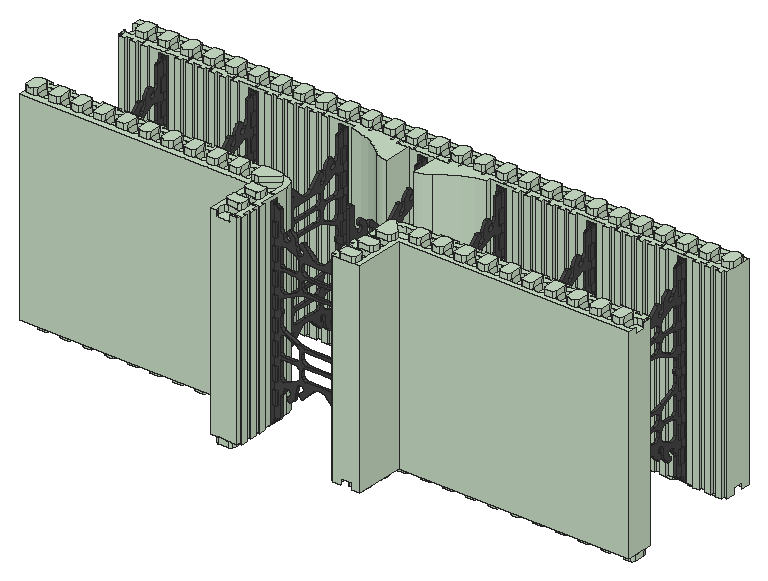
Revit family (continued)
Forms (in)
  Extrusion 95, void
    sketch origin (-11.99998, -0.00002, 0) x (0, -1, 0) y (1, 0, 0)
      loop
        arc (-4.89808, 25.99998) -> (-5.04517, 25.95213) -> (-5.13595, 25.8269) r 0.25
        arc (-5.13595, 25.8269) -> (-5.1875, 25.49998) -> (-5.13595, 25.17306) r 1.0625
    from 0 to 0.5
  Extrusion 96, void
    sketch origin (-9.99998, -0.00002, 0) x (0, -1, 0) y (1, 0, 0)
      loop
        arc (-5.13595, 25.17306) -> (-5.04517, 25.04783) -> (-4.89808, 24.99998) r 0.25
        line (-4.89808, 24.99998) -> (-3.97692, 24.99998)
        arc (-3.97692, 24.99998) -> (-3.82983, 25.04783) -> (-3.73905, 25.17306) r 0.25
        arc (-3.73905, 25.17306) -> (-3.69045, 25.4209) -> (-3.70172, 25.67321) r 1.0625
        arc (-3.70172, 25.67321) -> (-3.68771, 25.72383) -> (-3.64005, 25.7459) r 0.0625
        line (-3.64005, 25.7459) -> (-3.41845, 25.7459) -> (-3.41845, 25.91673) -> (-3.76455, 25.91673)
        arc (-3.76455, 25.91673) -> (-3.78736, 25.92104) -> (-3.80702, 25.93338) r 0.0625
        arc (-3.80702, 25.93338) -> (-3.88568, 25.98274) -> (-3.97692, 25.99998) r 0.25
        line (-3.97692, 25.99998) -> (-4.89808, 25.99998)
        arc (-4.89808, 25.99998) -> (-5.04517, 25.95213) -> (-5.13595, 25.8269) r 0.25
        arc (-5.13595, 25.8269) -> (-5.1875, 25.49998) -> (-5.13595, 25.17306) r 1.0625
    from 0 to 0.5
  Extrusion 97, void
    sketch origin (-7.99998, -0.00002, 0) x (0, -1, 0) y (1, 0, 0)
      loop
        arc (-5.13595, 25.17306) -> (-5.04517, 25.04783) -> (-4.89808, 24.99998) r 0.25
        line (-4.89808, 24.99998) -> (-3.97692, 24.99998)
        arc (-3.97692, 24.99998) -> (-3.82983, 25.04783) -> (-3.73905, 25.17306) r 0.25
        arc (-3.73905, 25.17306) -> (-3.69045, 25.4209) -> (-3.70172, 25.67321) r 1.0625
        arc (-3.70172, 25.67321) -> (-3.68771, 25.72383) -> (-3.64005, 25.7459) r 0.0625
        line (-3.64005, 25.7459) -> (-3.41845, 25.7459) -> (-3.41845, 25.91673) -> (-3.76455, 25.91673)
        arc (-3.76455, 25.91673) -> (-3.78736, 25.92104) -> (-3.80702, 25.93338) r 0.0625
        arc (-3.80702, 25.93338) -> (-3.88568, 25.98274) -> (-3.97692, 25.99998) r 0.25
        line (-3.97692, 25.99998) -> (-4.89808, 25.99998)
        arc (-4.89808, 25.99998) -> (-5.04517, 25.95213) -> (-5.13595, 25.8269) r 0.25
        arc (-5.13595, 25.8269) -> (-5.1875, 25.49998) -> (-5.13595, 25.17306) r 1.0625
    from 0 to 0.5
  Extrusion 98, void
    sketch origin (-5.99998, -0.00002, 0) x (0, -1, 0) y (1, 0, 0)
      loop
        arc (-5.13595, 25.17306) -> (-5.04517, 25.04783) -> (-4.89808, 24.99998) r 0.25
        line (-4.89808, 24.99998) -> (-3.97692, 24.99998)
        arc (-3.97692, 24.99998) -> (-3.82983, 25.04783) -> (-3.73905, 25.17306) r 0.25
        arc (-3.73905, 25.17306) -> (-3.69045, 25.4209) -> (-3.70172, 25.67321) r 1.0625
        arc (-3.70172, 25.67321) -> (-3.68771, 25.72383) -> (-3.64005, 25.7459) r 0.0625
        line (-3.64005, 25.7459) -> (-3.41845, 25.7459) -> (-3.41845, 25.91673) -> (-3.76455, 25.91673)
        arc (-3.76455, 25.91673) -> (-3.78736, 25.92104) -> (-3.80702, 25.93338) r 0.0625
        arc (-3.80702, 25.93338) -> (-3.88568, 25.98274) -> (-3.97692, 25.99998) r 0.25
        line (-3.97692, 25.99998) -> (-4.89808, 25.99998)
        arc (-4.89808, 25.99998) -> (-5.04517, 25.95213) -> (-5.13595, 25.8269) r 0.25
        arc (-5.13595, 25.8269) -> (-5.1875, 25.49998) -> (-5.13595, 25.17306) r 1.0625
    from 0 to 0.5
  Extrusion 99, void
    sketch origin (-3.99998, -0.00002, 0) x (0, -1, 0) y (1, 0, 0)
      loop
        arc (-5.13595, 25.17306) -> (-5.04517, 25.04783) -> (-4.89808, 24.99998) r 0.25
        line (-4.89808, 24.99998) -> (-3.97692, 24.99998)
        arc (-3.97692, 24.99998) -> (-3.82983, 25.04783) -> (-3.73905, 25.17306) r 0.25
        arc (-3.73905, 25.17306) -> (-3.69045, 25.4209) -> (-3.70172, 25.67321) r 1.0625
        arc (-3.70172, 25.67321) -> (-3.68771, 25.72383) -> (-3.64005, 25.7459) r 0.0625
        line (-3.64005, 25.7459) -> (-3.41845, 25.7459) -> (-3.41845, 25.91673) -> (-3.76455, 25.91673)
        arc (-3.76455, 25.91673) -> (-3.78736, 25.92104) -> (-3.80702, 25.93338) r 0.0625
        arc (-3.80702, 25.93338) -> (-3.88568, 25.98274) -> (-3.97692, 25.99998) r 0.25
        line (-3.97692, 25.99998) -> (-4.89808, 25.99998)
        arc (-4.89808, 25.99998) -> (-5.04517, 25.95213) -> (-5.13595, 25.8269) r 0.25
        arc (-5.13595, 25.8269) -> (-5.1875, 25.49998) -> (-5.13595, 25.17306) r 1.0625
    from 0 to 0.5
  Extrusion 100, void
    sketch origin (-1.99998, -0.00002, 0) x (0, -1, 0) y (1, 0, 0)
      loop
        arc (-5.13595, 25.17306) -> (-5.04517, 25.04783) -> (-4.89808, 24.99998) r 0.25
        line (-4.89808, 24.99998) -> (-3.97692, 24.99998)
        arc (-3.97692, 24.99998) -> (-3.82983, 25.04783) -> (-3.73905, 25.17306) r 0.25
        arc (-3.73905, 25.17306) -> (-3.69045, 25.4209) -> (-3.70172, 25.67321) r 1.0625
        arc (-3.70172, 25.67321) -> (-3.68771, 25.72383) -> (-3.64005, 25.7459) r 0.0625
        line (-3.64005, 25.7459) -> (-3.41845, 25.7459) -> (-3.41845, 25.91673) -> (-3.76455, 25.91673)
        arc (-3.76455, 25.91673) -> (-3.78736, 25.92104) -> (-3.80702, 25.93338) r 0.0625
        arc (-3.80702, 25.93338) -> (-3.88568, 25.98274) -> (-3.97692, 25.99998) r 0.25
        line (-3.97692, 25.99998) -> (-4.89808, 25.99998)
        arc (-4.89808, 25.99998) -> (-5.04517, 25.95213) -> (-5.13595, 25.8269) r 0.25
        arc (-5.13595, 25.8269) -> (-5.1875, 25.49998) -> (-5.13595, 25.17306) r 1.0625
    from 0 to 0.5
  Extrusion 101, void
    sketch origin (0.00002, -0.00002, 0) x (0, -1, 0) y (1, 0, 0)
      loop
        arc (-5.13595, 25.17306) -> (-5.04517, 25.04783) -> (-4.89808, 24.99998) r 0.25
        line (-4.89808, 24.99998) -> (-3.97692, 24.99998)
        arc (-3.97692, 24.99998) -> (-3.82983, 25.04783) -> (-3.73905, 25.17306) r 0.25
        arc (-3.73905, 25.17306) -> (-3.69045, 25.4209) -> (-3.70172, 25.67321) r 1.0625
        arc (-3.70172, 25.67321) -> (-3.68771, 25.72383) -> (-3.64005, 25.7459) r 0.0625
        line (-3.64005, 25.7459) -> (-3.41845, 25.7459) -> (-3.41845, 25.91673) -> (-3.76455, 25.91673)
        arc (-3.76455, 25.91673) -> (-3.78736, 25.92104) -> (-3.80702, 25.93338) r 0.0625
        arc (-3.80702, 25.93338) -> (-3.88568, 25.98274) -> (-3.97692, 25.99998) r 0.25
        line (-3.97692, 25.99998) -> (-4.89808, 25.99998)
        arc (-4.89808, 25.99998) -> (-5.04517, 25.95213) -> (-5.13595, 25.8269) r 0.25
        arc (-5.13595, 25.8269) -> (-5.1875, 25.49998) -> (-5.13595, 25.17306) r 1.0625
    from 0 to 0.5
  Extrusion 102, void
    sketch origin (-49.99998, -0.00002, 0) x (0, -1, 0) y (1, 0, 0)
      loop
        arc (-5.13595, 25.17306) -> (-5.04517, 25.04783) -> (-4.89808, 24.99998) r 0.25
        line (-4.89808, 24.99998) -> (-3.97692, 24.99998)
        arc (-3.97692, 24.99998) -> (-3.82983, 25.04783) -> (-3.73905, 25.17306) r 0.25
        arc (-3.73905, 25.17306) -> (-3.69045, 25.4209) -> (-3.70172, 25.67321) r 1.0625
        arc (-3.70172, 25.67321) -> (-3.68771, 25.72383) -> (-3.64005, 25.7459) r 0.0625
        line (-3.64005, 25.7459) -> (-3.41845, 25.7459) -> (-3.41845, 25.91673) -> (-3.76455, 25.91673)
        arc (-3.76455, 25.91673) -> (-3.78736, 25.92104) -> (-3.80702, 25.93338) r 0.0625
        arc (-3.80702, 25.93338) -> (-3.88568, 25.98274) -> (-3.97692, 25.99998) r 0.25
        line (-3.97692, 25.99998) -> (-4.89808, 25.99998)
        arc (-4.89808, 25.99998) -> (-5.04517, 25.95213) -> (-5.13595, 25.8269) r 0.25
        arc (-5.13595, 25.8269) -> (-5.1875, 25.49998) -> (-5.13595, 25.17306) r 1.0625
    from 0 to 0.5
  Extrusion 103, void
    sketch origin (-47.99998, -0.00002, 0) x (0, -1, 0) y (1, 0, 0)
      loop
        arc (-5.13595, 25.17306) -> (-5.04517, 25.04783) -> (-4.89808, 24.99998) r 0.25
        line (-4.89808, 24.99998) -> (-3.97692, 24.99998)
        arc (-3.97692, 24.99998) -> (-3.82983, 25.04783) -> (-3.73905, 25.17306) r 0.25
        arc (-3.73905, 25.17306) -> (-3.69045, 25.4209) -> (-3.70172, 25.67321) r 1.0625
        arc (-3.70172, 25.67321) -> (-3.68771, 25.72383) -> (-3.64005, 25.7459) r 0.0625
        line (-3.64005, 25.7459) -> (-3.41845, 25.7459) -> (-3.41845, 25.91673) -> (-3.76455, 25.91673)
        arc (-3.76455, 25.91673) -> (-3.78736, 25.92104) -> (-3.80702, 25.93338) r 0.0625
        arc (-3.80702, 25.93338) -> (-3.88568, 25.98274) -> (-3.97692, 25.99998) r 0.25
        line (-3.97692, 25.99998) -> (-4.89808, 25.99998)
        arc (-4.89808, 25.99998) -> (-5.04517, 25.95213) -> (-5.13595, 25.8269) r 0.25
        arc (-5.13595, 25.8269) -> (-5.1875, 25.49998) -> (-5.13595, 25.17306) r 1.0625
    from 0 to 0.5
  Extrusion 104, void
    sketch origin (-45.99998, -0.00002, 0) x (0, -1, 0) y (1, 0, 0)
      loop
        arc (-5.13595, 25.17306) -> (-5.04517, 25.04783) -> (-4.89808, 24.99998) r 0.25
        line (-4.89808, 24.99998) -> (-3.97692, 24.99998)
        arc (-3.97692, 24.99998) -> (-3.82983, 25.04783) -> (-3.73905, 25.17306) r 0.25
        arc (-3.73905, 25.17306) -> (-3.69045, 25.4209) -> (-3.70172, 25.67321) r 1.0625
        arc (-3.70172, 25.67321) -> (-3.68771, 25.72383) -> (-3.64005, 25.7459) r 0.0625
        line (-3.64005, 25.7459) -> (-3.41845, 25.7459) -> (-3.41845, 25.91673) -> (-3.76455, 25.91673)
        arc (-3.76455, 25.91673) -> (-3.78736, 25.92104) -> (-3.80702, 25.93338) r 0.0625
        arc (-3.80702, 25.93338) -> (-3.88568, 25.98274) -> (-3.97692, 25.99998) r 0.25
        line (-3.97692, 25.99998) -> (-4.89808, 25.99998)
        arc (-4.89808, 25.99998) -> (-5.04517, 25.95213) -> (-5.13595, 25.8269) r 0.25
        arc (-5.13595, 25.8269) -> (-5.1875, 25.49998) -> (-5.13595, 25.17306) r 1.0625
    from 0 to 0.5
  Extrusion 105, void
    sketch origin (-43.99998, -0.00002, 0) x (0, -1, 0) y (1, 0, 0)
      loop
        arc (-5.13595, 25.17306) -> (-5.04517, 25.04783) -> (-4.89808, 24.99998) r 0.25
        line (-4.89808, 24.99998) -> (-3.97692, 24.99998)
        arc (-3.97692, 24.99998) -> (-3.82983, 25.04783) -> (-3.73905, 25.17306) r 0.25
        arc (-3.73905, 25.17306) -> (-3.69045, 25.4209) -> (-3.70172, 25.67321) r 1.0625
        arc (-3.70172, 25.67321) -> (-3.68771, 25.72383) -> (-3.64005, 25.7459) r 0.0625
        line (-3.64005, 25.7459) -> (-3.41845, 25.7459) -> (-3.41845, 25.91673) -> (-3.76455, 25.91673)
        arc (-3.76455, 25.91673) -> (-3.78736, 25.92104) -> (-3.80702, 25.93338) r 0.0625
        arc (-3.80702, 25.93338) -> (-3.88568, 25.98274) -> (-3.97692, 25.99998) r 0.25
        line (-3.97692, 25.99998) -> (-4.89808, 25.99998)
        arc (-4.89808, 25.99998) -> (-5.04517, 25.95213) -> (-5.13595, 25.8269) r 0.25
        arc (-5.13595, 25.8269) -> (-5.1875, 25.49998) -> (-5.13595, 25.17306) r 1.0625
    from 0 to 0.5
  Extrusion 106, void
    sketch origin (-41.99998, -0.00002, 0) x (0, -1, 0) y (1, 0, 0)
      loop
        arc (-5.13595, 25.17306) -> (-5.04517, 25.04783) -> (-4.89808, 24.99998) r 0.25
        line (-4.89808, 24.99998) -> (-3.97692, 24.99998)
        arc (-3.97692, 24.99998) -> (-3.82983, 25.04783) -> (-3.73905, 25.17306) r 0.25
        arc (-3.73905, 25.17306) -> (-3.69045, 25.4209) -> (-3.70172, 25.67321) r 1.0625
        arc (-3.70172, 25.67321) -> (-3.68771, 25.72383) -> (-3.64005, 25.7459) r 0.0625
        line (-3.64005, 25.7459) -> (-3.41845, 25.7459) -> (-3.41845, 25.91673) -> (-3.76455, 25.91673)
        arc (-3.76455, 25.91673) -> (-3.78736, 25.92104) -> (-3.80702, 25.93338) r 0.0625
        arc (-3.80702, 25.93338) -> (-3.88568, 25.98274) -> (-3.97692, 25.99998) r 0.25
        line (-3.97692, 25.99998) -> (-4.89808, 25.99998)
        arc (-4.89808, 25.99998) -> (-5.04517, 25.95213) -> (-5.13595, 25.8269) r 0.25
        arc (-5.13595, 25.8269) -> (-5.1875, 25.49998) -> (-5.13595, 25.17306) r 1.0625
    from 0 to 0.5
  Extrusion 107, void
    sketch origin (-39.99998, -0.00002, 0) x (0, -1, 0) y (1, 0, 0)
      loop
        arc (-5.13595, 25.17306) -> (-5.04517, 25.04783) -> (-4.89808, 24.99998) r 0.25
        line (-4.89808, 24.99998) -> (-3.97692, 24.99998)
        arc (-3.97692, 24.99998) -> (-3.82983, 25.04783) -> (-3.73905, 25.17306) r 0.25
        arc (-3.73905, 25.17306) -> (-3.69045, 25.4209) -> (-3.70172, 25.67321) r 1.0625
        arc (-3.70172, 25.67321) -> (-3.68771, 25.72383) -> (-3.64005, 25.7459) r 0.0625
        line (-3.64005, 25.7459) -> (-3.41845, 25.7459) -> (-3.41845, 25.91673) -> (-3.76455, 25.91673)
        arc (-3.76455, 25.91673) -> (-3.78736, 25.92104) -> (-3.80702, 25.93338) r 0.0625
        arc (-3.80702, 25.93338) -> (-3.88568, 25.98274) -> (-3.97692, 25.99998) r 0.25
        line (-3.97692, 25.99998) -> (-4.89808, 25.99998)
        arc (-4.89808, 25.99998) -> (-5.04517, 25.95213) -> (-5.13595, 25.8269) r 0.25
        arc (-5.13595, 25.8269) -> (-5.1875, 25.49998) -> (-5.13595, 25.17306) r 1.0625
    from 0 to 0.5
  Extrusion 108, void
    sketch origin (-37.99998, -0.00002, 0) x (0, -1, 0) y (1, 0, 0)
      loop
        arc (-5.13595, 25.17306) -> (-5.04517, 25.04783) -> (-4.89808, 24.99998) r 0.25
        line (-4.89808, 24.99998) -> (-3.97692, 24.99998)
        arc (-3.97692, 24.99998) -> (-3.82983, 25.04783) -> (-3.73905, 25.17306) r 0.25
        arc (-3.73905, 25.17306) -> (-3.69045, 25.4209) -> (-3.70172, 25.67321) r 1.0625
        arc (-3.70172, 25.67321) -> (-3.68771, 25.72383) -> (-3.64005, 25.7459) r 0.0625
        line (-3.64005, 25.7459) -> (-3.41845, 25.7459) -> (-3.41845, 25.91673) -> (-3.76455, 25.91673)
        arc (-3.76455, 25.91673) -> (-3.78736, 25.92104) -> (-3.80702, 25.93338) r 0.0625
        arc (-3.80702, 25.93338) -> (-3.88568, 25.98274) -> (-3.97692, 25.99998) r 0.25
        line (-3.97692, 25.99998) -> (-4.89808, 25.99998)
        arc (-4.89808, 25.99998) -> (-5.04517, 25.95213) -> (-5.13595, 25.8269) r 0.25
        arc (-5.13595, 25.8269) -> (-5.1875, 25.49998) -> (-5.13595, 25.17306) r 1.0625
    from 0 to 0.5
  Extrusion 109, void
    sketch origin (-35.99998, -0.00002, 0) x (0, -1, 0) y (1, 0, 0)
      loop
        arc (-5.13595, 25.17306) -> (-5.04517, 25.04783) -> (-4.89808, 24.99998) r 0.25
        line (-4.89808, 24.99998) -> (-3.97692, 24.99998)
        arc (-3.97692, 24.99998) -> (-3.82983, 25.04783) -> (-3.73905, 25.17306) r 0.25
        arc (-3.73905, 25.17306) -> (-3.69045, 25.4209) -> (-3.70172, 25.67321) r 1.0625
        arc (-3.70172, 25.67321) -> (-3.68771, 25.72383) -> (-3.64005, 25.7459) r 0.0625
        line (-3.64005, 25.7459) -> (-3.41845, 25.7459) -> (-3.41845, 25.91673) -> (-3.76455, 25.91673)
        arc (-3.76455, 25.91673) -> (-3.78736, 25.92104) -> (-3.80702, 25.93338) r 0.0625
        arc (-3.80702, 25.93338) -> (-3.88568, 25.98274) -> (-3.97692, 25.99998) r 0.25
        line (-3.97692, 25.99998) -> (-4.89808, 25.99998)
        arc (-4.89808, 25.99998) -> (-5.04517, 25.95213) -> (-5.13595, 25.8269) r 0.25
        arc (-5.13595, 25.8269) -> (-5.1875, 25.49998) -> (-5.13595, 25.17306) r 1.0625
    from 0 to 0.5
  Extrusion 110, void
    sketch origin (51.99998, -0.00002, 0) x (0, -1, 0) y (1, 0, 0)
      loop
        arc (-5.13595, -25.17306) -> (-5.1875, -25.49998) -> (-5.13595, -25.8269) r 1.0625
        arc (-5.13595, -25.8269) -> (-5.04517, -25.95213) -> (-4.89808, -25.99998) r 0.25
        line (-4.89808, -25.99998) -> (-3.97692, -25.99998)
        arc (-3.97692, -25.99998) -> (-3.88568, -25.98274) -> (-3.80702, -25.93338) r 0.25
        arc (-3.80702, -25.93338) -> (-3.78736, -25.92104) -> (-3.76455, -25.91673) r 0.0625
        line (-3.76455, -25.91673) -> (-3.41845, -25.91673) -> (-3.41845, -25.7459) -> (-3.64005, -25.7459)
        arc (-3.64005, -25.7459) -> (-3.68771, -25.72383) -> (-3.70172, -25.67321) r 0.0625
        arc (-3.70172, -25.67321) -> (-3.69045, -25.4209) -> (-3.73905, -25.17306) r 1.0625
        arc (-3.73905, -25.17306) -> (-3.82983, -25.04783) -> (-3.97692, -24.99998) r 0.25
        line (-3.97692, -24.99998) -> (-4.89808, -24.99998)
        arc (-4.89808, -24.99998) -> (-5.04517, -25.04783) -> (-5.13595, -25.17306) r 0.25
    from 18 to 17.5
  Extrusion 111, void
    sketch origin (2.00002, -0.00002, 0) x (0, -1, 0) y (1, 0, 0)
      loop
        arc (-5.13595, 25.17306) -> (-5.04517, 25.04783) -> (-4.89808, 24.99998) r 0.25
        line (-4.89808, 24.99998) -> (-3.97692, 24.99998)
        arc (-3.97692, 24.99998) -> (-3.82983, 25.04783) -> (-3.73905, 25.17306) r 0.25
        arc (-3.73905, 25.17306) -> (-3.69045, 25.4209) -> (-3.70172, 25.67321) r 1.0625
        arc (-3.70172, 25.67321) -> (-3.68771, 25.72383) -> (-3.64005, 25.7459) r 0.0625
        line (-3.64005, 25.7459) -> (-3.41845, 25.7459) -> (-3.41845, 25.91673) -> (-3.76455, 25.91673)
        arc (-3.76455, 25.91673) -> (-3.78736, 25.92104) -> (-3.80702, 25.93338) r 0.0625
        arc (-3.80702, 25.93338) -> (-3.88568, 25.98274) -> (-3.97692, 25.99998) r 0.25
        line (-3.97692, 25.99998) -> (-4.89808, 25.99998)
        arc (-4.89808, 25.99998) -> (-5.04517, 25.95213) -> (-5.13595, 25.8269) r 0.25
        arc (-5.13595, 25.8269) -> (-5.1875, 25.49998) -> (-5.13595, 25.17306) r 1.0625
    from 0 to 0.5
  Extrusion 112, solid, material "NUDURA Expanded Polystyrene Foam Insulation"
    sketch origin (0, 0, 0) x (1, 0, 0) y (0, 1, 0)
      loop
        line (3.25, 5.62754) -> (-1.25, 5.62754) -> (-1.25, 5.17633) -> (-1, 5.24332) -> (-1, 4.63633) -> (-1.25, 4.69867) -> (-1.25, 4.17633) -> (-1, 4.24332) -> (-1, 3.63633) -> (-1.25, 3.69867) -> (-1.25, 3.25) -> (3.25, 3.25) -> (3.25, 3.69867) -> (3, 3.63633) -> (3, 4.24332) -> (3.25, 4.17633) -> (3.25, 4.69867) -> (3, 4.63633) -> (3, 5.24332) -> (3.25, 5.17633) -> (3.25, 5.62754)
    from 0 to 18
Cuts and joins
  Extrusion 2, Extrusion 3, Extrusion 4, Extrusion 5, Extrusion 6, Extrusion 7, Extrusion 8, Extrusion 9, Extrusion 10, Extrusion 11, Extrusion 12, Extrusion 13, Extrusion 14, Extrusion 15, Extrusion 16, Extrusion 17, Extrusion 18, Extrusion 19, Extrusion 20, Extrusion 21, Extrusion 22, Extrusion 23, Extrusion 24, Extrusion 25, Extrusion 26, Extrusion 27, Extrusion 28, Extrusion 29, Extrusion 30, Extrusion 31, Extrusion 32, Extrusion 33, Extrusion 34, Extrusion 35, Extrusion 36, Extrusion 37, Extrusion 38, Extrusion 39, Extrusion 40, Extrusion 41, Extrusion 46, Extrusion 47, Extrusion 48, Extrusion 49, Extrusion 50, Extrusion 51, Extrusion 52, Extrusion 53, Extrusion 54, Extrusion 55, Extrusion 56, Extrusion 57, Extrusion 58, Extrusion 59, Extrusion 60, Extrusion 61, Extrusion 62, Extrusion 63, Extrusion 64, Extrusion 65, Extrusion 66, Extrusion 67, Extrusion 68, Extrusion 69, Extrusion 70, Extrusion 71, Extrusion 72, Extrusion 73, Extrusion 74, Extrusion 75, Extrusion 76, Extrusion 77, Extrusion 78, Extrusion 79, Extrusion 80, Extrusion 81, Extrusion 82, Extrusion 83, Extrusion 84, Extrusion 85, Extrusion 86, Extrusion 87, Extrusion 88, Extrusion 89, Extrusion 90, Extrusion 91, Extrusion 92, Extrusion 93, Extrusion 94, Extrusion 95, Extrusion 96, Extrusion 97, Extrusion 98, Extrusion 99, Extrusion 100, Extrusion 101, Extrusion 102, Extrusion 103, Extrusion 104, Extrusion 105, Extrusion 106, Extrusion 107, Extrusion 108, Extrusion 109, Extrusion 110, Extrusion 111 cuts Extrusion 1
  Extrusion 54 cuts Extrusion 43
  Extrusion 86 cuts Extrusion 45
  Extrusion 26, Extrusion 27, Extrusion 28, Extrusion 36, Extrusion 37, Extrusion 38 cuts Extrusion 112
Lines and regions (in)
  model lines
    curve 1: line (-2, 5.62754, 0) -> (-2, 5.62754, 18)
Dimensions and locks (in)
  locked: plane 8 to level at 18  (x2)
  locked: plane 5 to plane 4 at 8
  locked: plane 7 to plane 6 at 8
  aligned and locked: plane 8 to Extrusion 1
  aligned and locked: Extrusion 1 to level
  aligned and locked: Extrusion 1 to plane 8
  aligned and locked: plane 2 to level
  aligned: cut or joined group 1 (Extrusion 1, Extrusion 2, Extrusion 3, Extrusion 4, Extrusion 5, Extrusion 6, Extrusion 7, Extrusion 8, Extrusion 9, Extrusion 10, Extrusion 11, Extrusion 12, Extrusion 13, Extrusion 14, Extrusion 15, Extrusion 16, Extrusion 17, Extrusion 18, Extrusion 19, Extrusion 20, Extrusion 21, Extrusion 22, Extrusion 23, Extrusion 24, Extrusion 25, Extrusion 26, Extrusion 27, Extrusion 28, Extrusion 29, Extrusion 30, Extrusion 31, Extrusion 32, Extrusion 33, Extrusion 34, Extrusion 35, Extrusion 36, Extrusion 37, Extrusion 38, Extrusion 39, Extrusion 40, Extrusion 41, Extrusion 46, Extrusion 47, Extrusion 48, Extrusion 49, Extrusion 50, Extrusion 51, Extrusion 52, Extrusion 53, Extrusion 54, Extrusion 55, Extrusion 56, Extrusion 57, Extrusion 58, Extrusion 59, Extrusion 60, Extrusion 61, Extrusion 62, Extrusion 63, Extrusion 64, Extrusion 65, Extrusion 66, Extrusion 67, Extrusion 68, Extrusion 69, Extrusion 70, Extrusion 71, Extrusion 72, Extrusion 73, Extrusion 74, Extrusion 75, Extrusion 76, Extrusion 77, Extrusion 78, Extrusion 79, Extrusion 80, Extrusion 81, Extrusion 82, Extrusion 83, Extrusion 84, Extrusion 85, Extrusion 86, Extrusion 87, Extrusion 88, Extrusion 89, Extrusion 90, Extrusion 91, Extrusion 92, Extrusion 93, Extrusion 94, Extrusion 95, Extrusion 96, Extrusion 97, Extrusion 98, Extrusion 99, Extrusion 100, Extrusion 101, Extrusion 102, Extrusion 103, Extrusion 104, Extrusion 105, Extrusion 106, Extrusion 107, Extrusion 108, Extrusion 109, Extrusion 110, Extrusion 111) to nested 37
  aligned: nested 39 to cut or joined group 1
  aligned: nested 40 to cut or joined group 1
  aligned: cut or joined group 1 to nested 41
  aligned and locked: cut or joined group 1 to nested 106
  aligned and locked: cut or joined group 1 to nested 107
  aligned and locked: nested 40 to nested 41
  aligned and locked: nested 108 to nested 40
  aligned and locked: cut or joined group 1 to nested 109
  aligned and locked: nested 111 to cut or joined group 1
  aligned and locked: cut or joined group 1 to nested 110
  aligned: nested 112 to cut or joined group 1
  aligned and locked: nested 113 to cut or joined group 1
  aligned: nested 114 to cut or joined group 1
  aligned and locked: nested 112 to cut or joined group 1
  aligned and locked: nested 125 to cut or joined group of Extrusion 26, Extrusion 27, Extrusion 28, Extrusion 36, Extrusion 37, Extrusion 38, Extrusion 112
Nested families (in)
  nested 1: "Interlock Tooth" at (2, -11.99998, 0) x (0, 1, 0) z (0, 0, 1), type "Interlock Tooth"
  nested 2: "Interlock Tooth" at (2, -9.99998, 0) x (0, 1, 0) z (0, 0, 1), type "Interlock Tooth"
  nested 3: "Interlock Tooth" at (0, -10.99998, 0) x (0, 1, 0) z (0, 0, 1), type "Interlock Tooth"
  nested 4: "Interlock Tooth" at (0, -8.99998, 0) x (0, 1, 0) z (0, 0, 1), type "Interlock Tooth"
  nested 5: "Interlock Tooth" at (-10, -1.99998, 0), type "Interlock Tooth"
  nested 6: "Interlock Tooth" at (-8, -1.99998, 0), type "Interlock Tooth"
  nested 7: "Interlock Tooth" at (8, -1.99998, 0), type "Interlock Tooth"
  nested 8: "Interlock Tooth" at (10, -1.99998, 0), type "Interlock Tooth"
  nested 9: "Interlock Tooth" at (-9, -1.99998, -18.5), type "Interlock Tooth"
  nested 10: "Interlock Tooth" at (-7, -1.99998, -18.5), type "Interlock Tooth"
  nested 11: "Interlock Tooth" at (11, -1.99998, -18.5), type "Interlock Tooth"
  nested 12: "Interlock Tooth" at (9, -1.99998, -18.5), type "Interlock Tooth"
  nested 13: "Interlock Tooth" at (0, -10.99998, -18.5) x (0, -1, 0) z (0, 0, 1), type "Interlock Tooth"
  nested 14: "Interlock Tooth" at (0, -8.99998, -18.5) x (0, -1, 0) z (0, 0, 1), type "Interlock Tooth"
  nested 15: "Interlock Tooth" at (2, -10.99998, -18.5) x (0, 1, 0) z (0, 0, 1), type "Interlock Tooth"
  nested 16: "Interlock Tooth" at (2, -8.99998, -18.5) x (0, 1, 0) z (0, 0, 1), type "Interlock Tooth"
  nested 17: "Interlock Tooth" at (-8, -0.00002, 0) x (-1, 0, 0) z (0, 0, 1), type "Interlock Tooth"
  nested 18: "Interlock Tooth" at (-9, -0.00002, -18.5) x (-1, 0, 0) z (0, 0, 1), type "Interlock Tooth"
  nested 19: "Interlock Tooth" at (-6, -0.00002, 0) x (-1, 0, 0) z (0, 0, 1), type "Interlock Tooth"
  nested 20: "Interlock Tooth" at (-7, -0.00002, -18.5) x (-1, 0, 0) z (0, 0, 1), type "Interlock Tooth"
  nested 21: "Interlock Tooth" at (-4, -0.00002, 0) x (-1, 0, 0) z (0, 0, 1), type "Interlock Tooth"
  nested 22: "Interlock Tooth" at (-5, -0.00002, -18.5) x (-1, 0, 0) z (0, 0, 1), type "Interlock Tooth"
  nested 23: "Interlock Tooth" at (-2, -0.00002, 0) x (-1, 0, 0) z (0, 0, 1), type "Interlock Tooth"
  nested 24: "Interlock Tooth" at (-3, -0.00002, -18.5) x (-1, 0, 0) z (0, 0, 1), type "Interlock Tooth"
  nested 25: "Interlock Tooth" at (0, -0.00002, 0) x (-1, 0, 0) z (0, 0, 1), type "Interlock Tooth"
  nested 26: "Interlock Tooth" at (-1, -0.00002, -18.5) x (-1, 0, 0) z (0, 0, 1), type "Interlock Tooth"
  nested 27: "Interlock Tooth" at (2, -0.00002, 0) x (-1, 0, 0) z (0, 0, 1), type "Interlock Tooth"
  nested 28: "Interlock Tooth" at (1, -0.00002, -18.5) x (-1, 0, 0) z (0, 0, 1), type "Interlock Tooth"
  nested 29: "Interlock Tooth" at (4, -0.00002, 0) x (-1, 0, 0) z (0, 0, 1), type "Interlock Tooth"
  nested 30: "Interlock Tooth" at (3, -0.00002, -18.5) x (-1, 0, 0) z (0, 0, 1), type "Interlock Tooth"
  nested 31: "Interlock Tooth" at (6, -0.00002, 0) x (-1, 0, 0) z (0, 0, 1), type "Interlock Tooth"
  nested 32: "Interlock Tooth" at (5, -0.00002, -18.5) x (-1, 0, 0) z (0, 0, 1), type "Interlock Tooth"
  nested 33: "Interlock Tooth" at (8, -0.00002, 0) x (-1, 0, 0) z (0, 0, 1), type "Interlock Tooth"
  nested 34: "Interlock Tooth" at (7, -0.00002, -18.5) x (-1, 0, 0) z (0, 0, 1), type "Interlock Tooth"
  nested 35: "Interlock Tooth" at (10, -0.00002, 0) x (-1, 0, 0) z (0, 0, 1), type "Interlock Tooth"
  nested 36: "Interlock Tooth" at (9, -0.00002, -18.5) x (-1, 0, 0) z (0, 0, 1), type "Interlock Tooth"
  nested 37: "NUDURA Diamond Pattern Missing Two Lines" at (-11.25, -11.99998, 0) x (0, 1, 0) z (0, 0, 1), type "NUDURA Diamond Pattern minus Two lines"
  nested 38: "NUDURA Diamond Pattern Missing Two Lines" at (-10, -2, 0), type "NUDURA Diamond Pattern minus Two lines"
  nested 39: "NUDURA Diamond Pattern Missing Two Lines" at (2, -11.99998, 0) x (0, 1, 0) z (0, 0, 1), type "NUDURA Diamond Pattern minus Two lines"
  nested 40: "NUDURA Logo Diamond" at (19.99744, 5.62754, 0) x (-1, 0, 0) z (0, 0, 1), type "NUDURA Logo Diamond"
  nested 41: "NUDURA Logo Diamond" at (5.99744, 5.62754, 0) x (-1, 0, 0) z (0, 0, 1), type "NUDURA Logo Diamond"
  nested 42: "Interlock Tooth" at (-16, -0.00002, 0) x (-1, 0, 0) z (0, 0, 1), type "Interlock Tooth"
  nested 43: "Interlock Tooth" at (-14, -0.00002, 0) x (-1, 0, 0) z (0, 0, 1), type "Interlock Tooth"
  nested 44: "Interlock Tooth" at (-12, -0.00002, 0) x (-1, 0, 0) z (0, 0, 1), type "Interlock Tooth"
  nested 45: "Interlock Tooth" at (-10, -0.00002, 0) x (-1, 0, 0) z (0, 0, 1), type "Interlock Tooth"
  nested 46: "Interlock Tooth" at (-18, -0.00002, 0) x (-1, 0, 0) z (0, 0, 1), type "Interlock Tooth"
  nested 47: "Interlock Tooth" at (-24, -0.00002, 0) x (-1, 0, 0) z (0, 0, 1), type "Interlock Tooth"
  nested 48: "Interlock Tooth" at (-22, -0.00002, 0) x (-1, 0, 0) z (0, 0, 1), type "Interlock Tooth"
  nested 49: "Interlock Tooth" at (-20, -0.00002, 0) x (-1, 0, 0) z (0, 0, 1), type "Interlock Tooth"
  nested 50: "Interlock Tooth" at (-14, -1.99998, 0), type "Interlock Tooth"
  nested 51: "Interlock Tooth" at (-12, -1.99998, 0), type "Interlock Tooth"
  nested 52: "Interlock Tooth" at (-18, -1.99998, 0), type "Interlock Tooth"
  nested 53: "Interlock Tooth" at (-16, -1.99998, 0), type "Interlock Tooth"
  nested 54: "Interlock Tooth" at (-22, -1.99998, 0), type "Interlock Tooth"
  nested 55: "Interlock Tooth" at (-20, -1.99998, 0), type "Interlock Tooth"
  nested 56: "Interlock Tooth" at (-26, -1.99998, 0), type "Interlock Tooth"
  nested 57: "Interlock Tooth" at (-24, -1.99998, 0), type "Interlock Tooth"
  nested 58: "Interlock Tooth" at (12, -1.99998, 0), type "Interlock Tooth"
  nested 59: "Interlock Tooth" at (14, -1.99998, 0), type "Interlock Tooth"
  nested 60: "Interlock Tooth" at (16, -1.99998, 0), type "Interlock Tooth"
  nested 61: "Interlock Tooth" at (18, -1.99998, 0), type "Interlock Tooth"
  nested 62: "Interlock Tooth" at (20, -1.99998, 0), type "Interlock Tooth"
  nested 63: "Interlock Tooth" at (22, -1.99998, 0), type "Interlock Tooth"
  nested 64: "Interlock Tooth" at (24, -1.99998, 0), type "Interlock Tooth"
  nested 65: "Interlock Tooth" at (26, -1.99998, 0), type "Interlock Tooth"
  nested 66: "Interlock Tooth" at (14, -0.00002, 0) x (-1, 0, 0) z (0, 0, 1), type "Interlock Tooth"
  nested 67: "Interlock Tooth" at (16, -0.00002, 0) x (-1, 0, 0) z (0, 0, 1), type "Interlock Tooth"
  nested 68: "Interlock Tooth" at (18, -0.00002, 0) x (-1, 0, 0) z (0, 0, 1), type "Interlock Tooth"
  nested 69: "Interlock Tooth" at (20, -0.00002, 0) x (-1, 0, 0) z (0, 0, 1), type "Interlock Tooth"
  nested 70: "Interlock Tooth" at (22, -0.00002, 0) x (-1, 0, 0) z (0, 0, 1), type "Interlock Tooth"
  nested 71: "Interlock Tooth" at (24, -0.00002, 0) x (-1, 0, 0) z (0, 0, 1), type "Interlock Tooth"
  nested 72: "Interlock Tooth" at (26, -0.00002, 0) x (-1, 0, 0) z (0, 0, 1), type "Interlock Tooth"
  nested 73: "Interlock Tooth" at (12, -0.00002, 0) x (-1, 0, 0) z (0, 0, 1), type "Interlock Tooth"
  nested 74: "Interlock Tooth" at (-13, -1.99998, -18.5), type "Interlock Tooth"
  nested 75: "Interlock Tooth" at (-11, -1.99998, -18.5), type "Interlock Tooth"
  nested 76: "Interlock Tooth" at (-17, -1.99998, -18.5), type "Interlock Tooth"
  nested 77: "Interlock Tooth" at (-15, -1.99998, -18.5), type "Interlock Tooth"
  nested 78: "Interlock Tooth" at (-21, -1.99998, -18.5), type "Interlock Tooth"
  nested 79: "Interlock Tooth" at (-19, -1.99998, -18.5), type "Interlock Tooth"
  nested 80: "Interlock Tooth" at (-25, -1.99998, -18.5), type "Interlock Tooth"
  nested 81: "Interlock Tooth" at (-23, -1.99998, -18.5), type "Interlock Tooth"
  nested 82: "Interlock Tooth" at (15, -1.99998, -18.5), type "Interlock Tooth"
  nested 83: "Interlock Tooth" at (13, -1.99998, -18.5), type "Interlock Tooth"
  nested 84: "Interlock Tooth" at (19, -1.99998, -18.5), type "Interlock Tooth"
  nested 85: "Interlock Tooth" at (17, -1.99998, -18.5), type "Interlock Tooth"
  nested 86: "Interlock Tooth" at (23, -1.99998, -18.5), type "Interlock Tooth"
  nested 87: "Interlock Tooth" at (21, -1.99998, -18.5), type "Interlock Tooth"
  nested 88: "Interlock Tooth" at (27, -1.99998, -18.5), type "Interlock Tooth"
  nested 89: "Interlock Tooth" at (25, -1.99998, -18.5), type "Interlock Tooth"
  nested 90: "Interlock Tooth" at (11, -0.00002, -18.5) x (-1, 0, 0) z (0, 0, 1), type "Interlock Tooth"
  nested 91: "Interlock Tooth" at (13, -0.00002, -18.5) x (-1, 0, 0) z (0, 0, 1), type "Interlock Tooth"
  nested 92: "Interlock Tooth" at (15, -0.00002, -18.5) x (-1, 0, 0) z (0, 0, 1), type "Interlock Tooth"
  nested 93: "Interlock Tooth" at (17, -0.00002, -18.5) x (-1, 0, 0) z (0, 0, 1), type "Interlock Tooth"
  nested 94: "Interlock Tooth" at (19, -0.00002, -18.5) x (-1, 0, 0) z (0, 0, 1), type "Interlock Tooth"
  nested 95: "Interlock Tooth" at (21, -0.00002, -18.5) x (-1, 0, 0) z (0, 0, 1), type "Interlock Tooth"
  nested 96: "Interlock Tooth" at (23, -0.00002, -18.5) x (-1, 0, 0) z (0, 0, 1), type "Interlock Tooth"
  nested 97: "Interlock Tooth" at (25, -0.00002, -18.5) x (-1, 0, 0) z (0, 0, 1), type "Interlock Tooth"
  nested 98: "Interlock Tooth" at (-25, -0.00002, -18.5) x (-1, 0, 0) z (0, 0, 1), type "Interlock Tooth"
  nested 99: "Interlock Tooth" at (-23, -0.00002, -18.5) x (-1, 0, 0) z (0, 0, 1), type "Interlock Tooth"
  nested 100: "Interlock Tooth" at (-21, -0.00002, -18.5) x (-1, 0, 0) z (0, 0, 1), type "Interlock Tooth"
  nested 101: "Interlock Tooth" at (-19, -0.00002, -18.5) x (-1, 0, 0) z (0, 0, 1), type "Interlock Tooth"
  nested 102: "Interlock Tooth" at (-17, -0.00002, -18.5) x (-1, 0, 0) z (0, 0, 1), type "Interlock Tooth"
  nested 103: "Interlock Tooth" at (-15, -0.00002, -18.5) x (-1, 0, 0) z (0, 0, 1), type "Interlock Tooth"
  nested 104: "Interlock Tooth" at (-13, -0.00002, -18.5) x (-1, 0, 0) z (0, 0, 1), type "Interlock Tooth"
  nested 105: "Interlock Tooth" at (-11, -0.00002, -18.5) x (-1, 0, 0) z (0, 0, 1), type "Interlock Tooth"
  nested 106: "NUDURA Diamond Pattern" at (-26, 11.25254, 0), type "NUDURA Diamond Pattern"
  nested 107: "NUDURA Diamond Pattern" at (-18, 11.25254, 0), type "NUDURA Diamond Pattern"
  nested 108: "NUDURA Diamond Pattern" at (20, 0.00254, 0) x (-1, 0, 0) z (0, 0, 1), type "NUDURA Diamond Pattern"
  nested 109: "NUDURA Diamond Pattern" at (28, 0.00254, 0) x (-1, 0, 0) z (0, 0, 1), type "NUDURA Diamond Pattern"
  nested 110: "NUDURA Logo Diamond" at (12.00256, -7.62244, 0), type "NUDURA Logo Diamond"
  nested 111: "NUDURA Logo Diamond" at (-33.99744, -7.62244, 0), type "NUDURA Logo Diamond"
  nested 112: "NUDURA Diamond Pattern" at (-18, -1.99744, 0), type "NUDURA Diamond Pattern"
  nested 113: "NUDURA Diamond Pattern" at (12, -1.99744, 0), type "NUDURA Diamond Pattern"
  nested 114: "NUDURA Diamond Pattern Missing Left Line" at (4, -1.99744, 0), type "NUDURA Diamond Pattern missing left line"
  nested 115: "Interlock Tooth" at (28, -0.00002, 0) x (-1, 0, 0) z (0, 0, 1), type "Interlock Tooth"
  nested 116: "Interlock Tooth" at (27, -0.00002, -18.5) x (-1, 0, 0) z (0, 0, 1), type "Interlock Tooth"
  nested 117: "8-inch Insert Web" at (-22, -1, 0), type "8-inch Insert Web"
  nested 118: "8-inch Insert Web" at (-14, -1, 0), type "8-inch Insert Web"
  nested 119: "8-inch Insert Web" at (-6, -1, 0), type "8-inch Insert Web"
  nested 120: "8-inch Insert Web" at (8, -0.99998, 0), type "8-inch Insert Web"
  nested 121: "8-inch Insert Web" at (16, -0.99998, 0), type "8-inch Insert Web"
  nested 122: "8-inch Insert Web" at (24, -0.99998, 0), type "8-inch Insert Web"
  nested 123: "8-inch Insert Web w One Fastening Strip" at (1, -1, 0) x (-1, 0, 0) z (0, 0, 1), type "8-inch Insert Web w One Fastening Strip"
  nested 124: "8-inch Insert Web" at (1, -7.99998, 0) x (0, 1, 0) z (0, 0, 1), type "8-inch Insert Web"
  nested 125: "NUDURA Diamond Pattern Missing Two Lines" at (4.99384, 0.00254, 0) x (-1, 0, 0) z (0, 0, 1), type "NUDURA Diamond Pattern minus Two lines"
Definition of nested family "Interlock Tooth"
  Reference planes (in)
    plane 1 "Center (Front/Back)": y = 0
    plane 2: z = 0
    plane 3 "Center (Left/Right)": x = 0
    plane 4: z = 18
    plane 5: z = 18.5
    plane 6: z = -0.5
  Forms (in)
    Extrusion 1, solid, material "NUDURA Expanded Polystyrene Foam Insulation"
      sketch origin (0, -8.875, 0) x (1, 0, 0) y (0, 1, 0)
        loop
          arc (0, 3.97692) -> (0.04785, 3.82983) -> (0.17308, 3.73905) r 0.25
          arc (0.17308, 3.73905) -> (0.5, 3.6875) -> (0.82692, 3.73905) r 1.0625
          arc (0.82692, 3.73905) -> (0.95215, 3.82983) -> (1, 3.97692) r 0.25
          line (1, 3.97692) -> (1, 4.89808)
          arc (1, 4.89808) -> (0.95215, 5.04517) -> (0.82692, 5.13595) r 0.25
          arc (0.82692, 5.13595) -> (0.5, 5.1875) -> (0.17308, 5.13595) r 1.0625
          arc (0.17308, 5.13595) -> (0.04785, 5.04517) -> (0, 4.89808) r 0.25
          line (0, 4.89808) -> (0, 3.97692)
      from 18 to 18.5
  Dimensions and locks (in)
    locked: plane 4 to level at 18
    locked: plane 4 to plane 5 at 0.5
    locked: plane 6 to level at 0.5
Definition of nested family "8-inch Insert Web"
  Reference planes (in)
    plane 1 "Center (Front/Back)": y = 0
    plane 2: z = 0
    plane 3 "Center (Left/Right)": x = 0
  Forms (in)
    Extrusion 1, solid, material "High Density Polystyrene"
      sketch origin (0, 0, 0) x (0, 1, 0) y (0, 0, 1)
        loop
          line (4.25, 0) -> (4.25, 17.74583)
          arc (4.25, 17.74583) -> (4.22112, 17.72608) -> (4.21, 17.69292) r 0.055
          line (4.21, 17.69292) -> (4.21, 0.05292)
          arc (4.21, 0.05292) -> (4.22112, 0.01975) -> (4.25, 0) r 0.055
